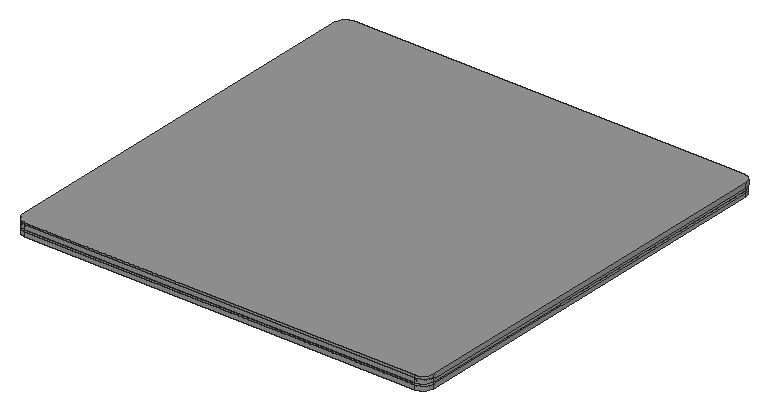
Revit family "Square-Table-Tops_Lamboo", category Casework, Revit 2022
Family settings
  Work Plane-Based = Yes
  Always vertical = Yes
  Cut with Voids When Loaded = Yes
  Shared = No
  Room Calculation Point = No
Parameters (values of type "VCP(075)-INT-3030")
  Width = 29.750"
  URL = "https://www.lamboo.us/"
  Type Comments = ""
  Thickness = 0.750"
  Specification = "https://www.arcat.com/company/lamboo-technologies-46687/spec"
  Product Documentation Link = "https://www.arcat.com/arcatcos/cos46/arc46687.html"
  Model = "Lamboo Table Tops"
  Manufacturer = "Lamboo® Technologies™"  # constant formula
  Keynote = "07 42 23"
  Height = 29.750"
  Depth = 0.000"
  Default Elevation = 0.000"
  Copyright = "© 2022 Lamboo® Technologies™"  # constant formula
Types (12): name | Width | Thickness | Height
  VCP(075)-INT-4848 | 47.500" | 0.750" | 47.500"
  VCP(100)-INT-4848 | 47.500" | 1.000" | 47.500"
  VCP(150)-INT-4848 | 47.500" | 1.500" | 47.500"
  VCP(075)-INT-2424 | 23.500" | 0.750" | 23.500"
  VCP(150)-INT-2424 | 23.500" | 1.500" | 23.500"
  VCP(100)-INT-2424 | 23.500" | 1.000" | 23.500"
  VCP(075)-INT-3030 | 29.750" | 0.750" | 29.750"
  VCP(100)-INT-3030 | 29.750" | 1.000" | 29.750"
  VCP(150)-INT-3030 | 29.750" | 1.500" | 29.750"
  VCP(075)-INT-3636 | 35.500" | 0.750" | 35.500"
  VCP(150)-INT-3636 | 35.500" | 1.500" | 35.500"
  VCP(100)-INT-3636 | 35.500" | 1.000" | 35.500"
Reference planes (in)
  plane 1 "Center (Front/Back)": y = 0
  plane 2: z = 0
  plane 3 "Center (Left/Right)": x = 0
  plane 4: x = 14.875
  plane 5: x = -14.875
  plane 6 "MIddle layer": z = 0.76255
  plane 7: y = 14.875
  plane 8: y = -14.875
  plane 9 "Top layer": z = 0.45
  plane 10: z = 0.91255
  plane 11: z = 0.61255
  plane 12: z = 0.3
  plane 13: z = 0.75
Forms (in)
  Extrusion 1, solid, material "Texture"
    sketch origin (0, 0, 0) x (1, 0, 0) y (0, 1, 0)
      loop
        arc (-14.125, 14.875) -> (-14.65533, 14.65533) -> (-14.875, 14.125) r 0.75
        line (-14.875, 14.125) -> (-14.875, -14.125)
        arc (-14.875, -14.125) -> (-14.65533, -14.65533) -> (-14.125, -14.875) r 0.75
        line (-14.125, -14.875) -> (14.125, -14.875)
        arc (14.125, -14.875) -> (14.65533, -14.65533) -> (14.875, -14.125) r 0.75
        line (14.875, -14.125) -> (14.875, 14.125)
        arc (14.875, 14.125) -> (14.65533, 14.65533) -> (14.125, 14.875) r 0.75
        line (14.125, 14.875) -> (-14.125, 14.875)
    from 0 to 0.3
  Extrusion 2, solid, material "Default"
    sketch origin (-23.75, -180, 0.3) x (0, -1, 0) y (-1, 0, 0)
      loop
        line (-194.875, -9.625) -> (-194.875, -37.875)
        arc (-194.875, -37.875) -> (-194.65533, -38.40533) -> (-194.125, -38.625) r 0.75
        line (-194.125, -38.625) -> (-165.875, -38.625)
        arc (-165.875, -38.625) -> (-165.34467, -38.40533) -> (-165.125, -37.875) r 0.75
        line (-165.125, -37.875) -> (-165.125, -9.625)
        arc (-165.125, -9.625) -> (-165.34467, -9.09467) -> (-165.875, -8.875) r 0.75
        line (-165.875, -8.875) -> (-194.125, -8.875)
        arc (-194.125, -8.875) -> (-194.65533, -9.09467) -> (-194.875, -9.625) r 0.75
    from 0 to -0.15
  Extrusion 3, solid, material "Texture"
    sketch origin (-23.75, -180, 0.45) x (0, -1, 0) y (-1, 0, 0)
      loop
        line (-194.875, -9.625) -> (-194.875, -37.875)
        arc (-194.875, -37.875) -> (-194.65533, -38.40533) -> (-194.125, -38.625) r 0.75
        line (-194.125, -38.625) -> (-165.875, -38.625)
        arc (-165.875, -38.625) -> (-165.34467, -38.40533) -> (-165.125, -37.875) r 0.75
        line (-165.125, -37.875) -> (-165.125, -9.625)
        arc (-165.125, -9.625) -> (-165.34467, -9.09467) -> (-165.875, -8.875) r 0.75
        line (-165.875, -8.875) -> (-194.125, -8.875)
        arc (-194.125, -8.875) -> (-194.65533, -9.09467) -> (-194.875, -9.625) r 0.75
    from 0 to -0.3
  Extrusion 4, solid, material "Texture"
    sketch origin (-24.76897, -180, 0.61255) x (-1, 0, 0) y (0, -1, 0)
      loop
        arc (-10.64397, -194.875) -> (-10.11364, -194.65533) -> (-9.89397, -194.125) r 0.75
        line (-9.89397, -194.125) -> (-9.89397, -165.875)
        arc (-9.89397, -165.875) -> (-10.11364, -165.34467) -> (-10.64397, -165.125) r 0.75
        line (-10.64397, -165.125) -> (-38.89397, -165.125)
        arc (-38.89397, -165.125) -> (-39.4243, -165.34467) -> (-39.64397, -165.875) r 0.75
        line (-39.64397, -165.875) -> (-39.64397, -194.125)
        arc (-39.64397, -194.125) -> (-39.4243, -194.65533) -> (-38.89397, -194.875) r 0.75
        line (-38.89397, -194.875) -> (-10.64397, -194.875)
    from 0 to 0.3
Dimensions and locks (in)
  equal spacing: plane 5, plane 3 "Center (Left/Right)", plane 4
  "Width": plane 5 to plane 4
  plane 6 "MIddle layer" to plane 2 = 0.76255"
  equal spacing: plane 7, plane 1 "Center (Front/Back)", plane 8
  "Height": plane 7 to plane 8
  equal spacing: plane 10, plane 6 "MIddle layer", plane 11
  locked: plane 10 to plane 11 at 0.3
  plane 5 to Extrusion 2 = 29.750"
  locked: plane 13 to plane 9 "Top layer" at 0.3
  locked: plane 12 to plane 2 at 0.3
  plane 6 "MIddle layer" to plane 9 "Top layer" to plane 12 = 0.31255", 0.150"
  "Thickness": plane 13 to plane 2
  aligned and locked: plane 2 to level
  aligned and locked: Extrusion 1 sketch curve to plane 7
  aligned and locked: Extrusion 1 sketch curve to plane 5
  aligned and locked: Extrusion 1 sketch curve to plane 8
  aligned and locked: Extrusion 1 sketch curve to plane 4
  aligned and locked: Extrusion 2 sketch curve to Extrusion 1  (x2)
  aligned and locked: Extrusion 2 sketch curve to plane 4
  aligned and locked: Extrusion 2 sketch curve to plane 7
  aligned and locked: Extrusion 3 sketch curve to Extrusion 1  (x4)
  aligned and locked: Extrusion 4 sketch curve to Extrusion 1  (x4)
  aligned and locked: Extrusion 4 to plane 10
  aligned and locked: Extrusion 2 to Extrusion 1
  aligned and locked: plane 12 to Extrusion 2
  aligned and locked: plane 9 "Top layer" to Extrusion 3
  aligned and locked: Extrusion 3 to plane 13
  aligned and locked: Extrusion 2 to plane 9 "Top layer"
Automatic sketch dimensions
  plane 4 to Extrusion 4 sketch curve = 0.750"
  Extrusion 4 sketch curve to Extrusion 4 sketch curve = 0.750"  (x2)
  Extrusion 4 sketch curve to plane 7 = 0.750"
  Extrusion 1 sketch curve to Extrusion 1 sketch curve = 0.750"  (x3)
  plane 4 to Extrusion 1 sketch curve = 0.750"
  Extrusion 3 sketch curve to Extrusion 3 sketch curve = 0.750"  (x2)
  Extrusion 3 sketch curve to plane 7 = 0.750"
  Extrusion 3 sketch curve to plane 8 = 0.750"
  Extrusion 2 sketch curve to Extrusion 2 sketch curve = 0.750"
  Extrusion 2 sketch curve to plane 7 = 0.750"
  plane 4 to Extrusion 2 sketch curve = 0.750"
  Extrusion 2 sketch curve to plane 8 = 0.750"
